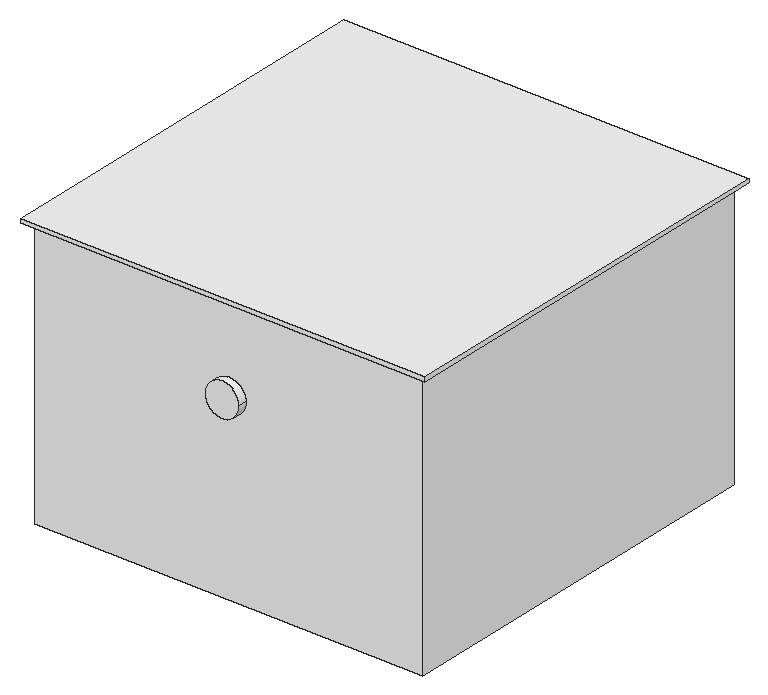
Revit family "Plumbing Fixture-Grease_Interseptor_Mifab_MI-OS", category Plumbing Fixtures, host Face, Revit 2013
Parameters (values of type "MI-OS-5")
  Water Capacity = "193.33 Gallons"
  WFU = 0
  URL = "www.mifab.com"
  Standard Inlet And Outlet Radii = F / 2  # 2.000"
  Sludge Capacity = "300 lbs"
  Model = "MI-OS-5"
  Manufacturer = "MIFAB"
  Interceptor Material = Acid Resistant Epoxy Coated Green
  F = 4.000"
  E = 33.000"
  Description = "Oil / Sediment Interceptor"
  Default Elevation = 0.000"
  D = 22.000"
  C = 11.000"
  B = 48.675"
  Assembly Code = "D2090300"
  A = 48.750"
Types (6): name | Water Capacity | Standard Inlet And Outlet Radii | Sludge Capacity | Model | F | E | D | C | B | A
  (no name) | "193.33 Gallons" | 2.000" | "300 lbs" | "MI-OS-5" | 4.000" | 33.000" | 22.000" | 11.000" | 48.675" | 48.750"
  MI-OS-1 | "12 Gallons" | 1.000" | "12 lbs" | "MI-OS-1" | 2.000" | 15.000" | 10.500" | 4.500" | 12.500" | 24.375"
  MI-OS-2 | "40 Gallons" | 2.000" | "60 lbs" | "MI-OS-2" | 4.000" | 25.250" | 17.625" | 7.625" | 24.500" | 24.375"
  MI-OS-3 | "77 Gallons" | 2.000" | "100 lbs" | "MI-OS-3" | 4.000" | 33.000" | 22.000" | 11.000" | 24.375" | 36.625"
  MI-OS-4 | "103 Gallons" | 2.000" | "200 lbs" | "MI-OS-4" | 4.000" | 33.000" | 22.000" | 11.000" | 24.375" | 48.750"
  MI-OS-5 | "193.33 Gallons" | 2.000" | "300 lbs" | "MI-OS-5" | 4.000" | 33.000" | 22.000" | 11.000" | 48.675" | 48.750"
Reference planes (in)
  plane 1 "Center (Front/Back)": y = 0
  plane 2: z = 0
  plane 3 "Center (Left/Right)": x = 0
  plane 4: x = -24.3375
  plane 5: y = -24.375
  plane 6: y = 24.375
  plane 7: x = 24.3375
  plane 8: z = -11
  plane 9: z = -33
  plane 10: z = -33
  plane 11: z = -0.1345
  plane 12: z = -32.8655
Forms (in)
  Extrusion 1, solid, material "Acid Resistant Epoxy Coated Green" <- "Interceptor Material"
    sketch origin (0, 0, 0) x (1, 0, 0) y (0, 1, 0)
      loop
        line (-24.3375, 24.375) -> (-24.3375, -24.375) -> (24.3375, -24.375) -> (24.3375, 24.375) -> (-24.3375, 24.375)
    from 0 to -0.5
  Extrusion 2, solid, material "Acid Resistant Epoxy Coated Green" <- "Interceptor Material"
    sketch origin (0, 0, 0) x (1, 0, 0) y (0, 1, 0)
      loop
        line (-23.3375, 23.375) -> (-23.3375, -23.375) -> (23.3375, -23.375) -> (23.3375, 23.375) -> (-23.3375, 23.375)
    from 0 to -33
  Extrusion 3, solid, material "Acid Resistant Epoxy Coated Green" <- "Interceptor Material"
    sketch origin (0, 0, 0) x (1, 0, 0) y (0, 0, 1)
      loop
        circle (0, -11) r 2
    from -24.375 to 24.375
Cuts and joins
  joined: Extrusion 1, Extrusion 2, Extrusion 3
Lines and regions (in)
  symbolic lines
    curve 1: line (-24.3375, 24.375, 0) -> (24.3375, 24.375, 0)
    curve 2: line (-24.3375, -24.375, 0) -> (-24.3375, 24.375, 0)
    curve 3: line (24.3375, -24.375, 0) -> (-24.3375, -24.375, 0)
    curve 4: line (24.3375, 24.375, 0) -> (24.3375, -24.375, 0)
Dimensions and locks (in)
  equal spacing: plane 4, plane 3 "Center (Left/Right)", plane 7
  equal spacing: plane 6, plane 1 "Center (Front/Back)", plane 5
  "B": plane 4 to plane 7
  "A": plane 6 to plane 5
  "C": host face to plane 8
  "D": plane 8 to plane 9
  "E": host face to plane 10
  equal spacing: Extrusion 2 sketch curve, plane 3 "Center (Left/Right)", Extrusion 2 sketch curve
  equal spacing: Extrusion 2 sketch curve, plane 1 "Center (Front/Back)", Extrusion 2 sketch curve
  Extrusion 2 sketch curve to plane 6 = 1.000"
  plane 4 to Extrusion 2 sketch curve = 1.000"
  locked: plane 12 to plane 10 at 0.1345
  locked: host face to plane 11 at 0.1345
  "F": diameter of Extrusion 3 sketch curve
  aligned and locked: plane 2 to host face
  aligned and locked: level to host face
  aligned and locked: Extrusion 1 sketch curve to plane 6
  aligned and locked: plane 4 to Extrusion 1 sketch curve
  aligned and locked: Extrusion 1 sketch curve to plane 5
  aligned and locked: Extrusion 1 sketch curve to plane 7
  aligned and locked: Extrusion 2 to plane 9
  aligned and locked: Extrusion 3 to plane 5
  aligned and locked: plane 6 to Extrusion 3
  aligned and locked: Extrusion 3 to cut or joined group of Extrusion 1, Extrusion 2, Extrusion 3
  aligned and locked: curve 1 to plane 6
  aligned and locked: plane 4 to curve 2
  aligned and locked: curve 3 to plane 5
  aligned and locked: curve 4 to plane 7
Automatic sketch dimensions
  host sketch curve to host sketch curve = 96.000"  (x2)
  Extrusion 3 sketch curve to plane 3 "Center (Left/Right)" = 0.000"
  Extrusion 3 sketch curve to plane 8 = 0.000"
Connectors (in)
  piping at (0, 24.375, -11), driven by "Standard Inlet And Outlet Radii"
    settings: on cut or joined group of Extrusion 1, Extrusion 2, Extrusion 3, index 1, connector radius 2", flow factor 0, pipe flow 0 GPM, pressure drop 0.00 psi, fitting loss kfactor 0, connector angle 0.00°, fixture units 0, engagement length 0.000", flow configuration 0, flow direction 1, fitting loss method 0, system type 16, joint type 0, gender type 0, connector reference index -1, connector utility 0, adjustable connector no, is connector primary yes, fitting loss table "", connector description "In"
  piping at (0, -24.375, -11), driven by "Standard Inlet And Outlet Radii"
    settings: on cut or joined group of Extrusion 1, Extrusion 2, Extrusion 3, index 2, connector radius 2", flow factor 0, pipe flow 0 GPM, pressure drop 0.00 psi, fitting loss kfactor 0, connector angle 0.00°, fixture units 0, engagement length 0.000", flow configuration 0, flow direction 2, fitting loss method 0, system type 16, joint type 0, gender type 0, connector reference index -1, connector utility 0, adjustable connector no, is connector primary no, fitting loss table "", connector description "Out"
